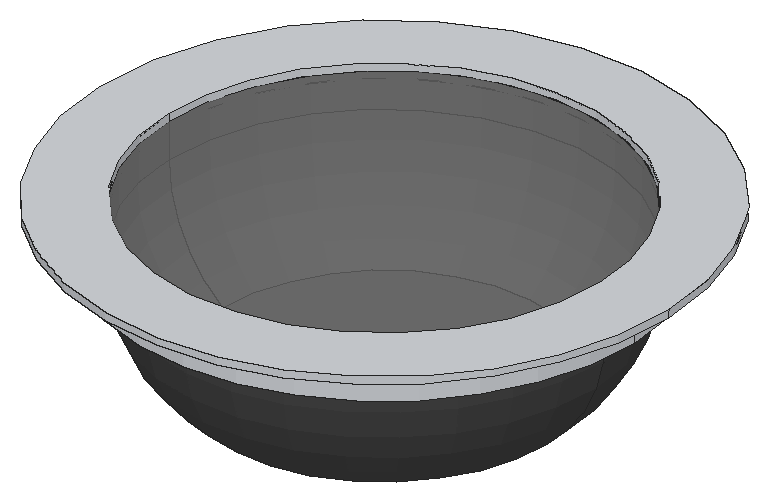
Revit family "3031806 Lighting Fixture_Sylvania_Syl-Lighter II_Ceiling Recessed", category Lighting Fixtures, host Face, Revit 2017
Family settings
  Host = Face
  Round Connector Dimension = Use Diameter
  Part Type = Normal
  OmniClass Number = 23.80.70.11.17
  OmniClass Title = Specialized Lighting by Location or Use
  Cut with Voids When Loaded = No
  Light Source = Yes
  Shared = No
  Room Calculation Point = No
Parameters (values of type "Syl-Lighter LED II 165 RO 12W WW DALI")
  Weight = 0.45 kg
  Wattage = 10.6122 W
  built-in parameter 1150110 = 1 (stored number, unit not read)
  Voltage Comments = "UNV (Universal Voltage; 220-240 Volt)"  # constant formula
  Voltage = 240 V  # constant formula
  URL = "http://www.sylvania-lighting.com"
  built-in parameter 1114217 = 1 (stored number, unit not read)
  Tilt Angle = -90.00°  # constant formula
  built-in parameter 1150109 = 1 (stored number, unit not read)
  built-in parameter 1150134 = (empty or 0)
  Ta Rating = "-10°C to +40°C"  # constant formula
  built-in parameter 1150113 = 1 (stored number, unit not read)
  Recessed Depth = Height  # 45.0 mm
  IP Rating = "IP44"  # constant formula
  IK Rating = "IK07"  # constant formula
  Energy Class = "A++, A+, A"  # constant formula
  Dimmable = "N/A"  # constant formula
  Catalog Number = "3031806 Syl-Lighter LED II 165 RO 12W WW DALI"
  Body Material = Metal_Sylvania_Syl-Lighter LED II_Silver
  Product Page URL = "http://www.sylvania-lighting.com/product/en-int/products/3031806"
  Product Family = "SYL-LIGHTER LED II"  # constant formula
  Photometry Comments = ""
  Photometric Web File = "3031806_Syl-LighterLEDII165RO12WWWDALI-187553.ies"
  built-in parameter 1150105 = 587.84 (stored number, unit not read)
  Lumens = 1047 lm
  built-in parameter 1150115 = 1 (stored number, unit not read)
  built-in parameter 1150137 = (empty or 0)
  built-in parameter 1150139 = (empty or 0)
  Life = "50 000h"  # constant formula
  built-in parameter 1150112 = 1 (stored number, unit not read)
  built-in parameter 1150114 = 1 (stored number, unit not read)
  Lamp Comments = "Integrated LED"
  built-in parameter 1150132 = 2
  built-in parameter 1150102 = (empty or 0)
  built-in parameter 1150107 = 3000 (stored number, unit not read)
  built-in parameter 1150138 = (empty or 0)
  built-in parameter 1150106 = 5.8784 (stored number, unit not read)
  Glow Wire Test = 650 °C  # constant formula
  Emit from Circle Diameter = Diffuser Diameter  # 125.0 mm
  Emit Shape Visible in Rendering = no
  built-in parameter 1150104 = 9.1658 (stored number, unit not read)
  Drive Current = "300mA"
  Dimming Lamp Color Temperature Shift = <None>
  Diffuser Radius = Diffuser Diameter / 2  # 62.5 mm
  Diffuser Diameter = Diameter - 20.0 mm  # 125.0 mm
  Inner Diameter = Diameter - 4.0 mm  # 141.0 mm
  Cutout Diameter = Diameter  # 145.0 mm
  Color Filter = 16777215
  Beam Angle = 74.00°
  built-in parameter 1114218 = 1 (stored number, unit not read)
  built-in parameter 1150133 = 10 (stored number, unit not read)
  Height = 45.0 mm
  Electrical Protection = "CLASS II"  # constant formula
  built-in parameter 1114216 [instance] = 1 (stored number, unit not read)
  Model = "Syl-Lighter LED II 165 RO 12W WW DALI"
  Manufacturer = "Feilo Sylvania"  # constant formula
  Lamp = "LED"
  Diffuser Material = Polycarbonate_Sylvania_Syl-Lighter LED II_Opal
  Description = "Syl-Lighter LED II is available in 4 different round body sizes: 165mm, 195mm, 220mm & 240mm Syl-Lighter LED II 165 12W delivers a 1,134 lumen output (4,000K) - perfect for 1x26W CFL replacement Syl-Lighter LED II 195 15W delivers a 1,480 lumen output (4,000K) - perfect for 1x32W/2x18W CFL replacement Syl-Lighter LED II 220 21W delivers a 1,989 lumen output (4,000K) - perfect for 1x42W CFL replacement Syl-Lighter LED II 240 25W delivers a 2,289 lumen output (4,000K)- perfect for 2x26W CFL replacement High efficacy up to 99lm/W (Syl-Lighter LED II 195 4,000K) IP44 rating allows for installation in applicable wet zone areas Choice of 3,000K (warm white) or 4,000K (neutral white) Shallow recess depth of <65mm Can replace existing large CFL downlights using a 225mm ceiling cut out (Syl-Lighter LED II 240) Energy efficient electronic gear including analogue 1-10V and DALI dimmable options IK07 polycarbonate diffuser allows for a wider light distribution than a reflector downlight, allowing for increased spacings between luminaires 3 hour emergency pack available (to be ordered in addition to the luminaire) Ideal for applications such as corridors, public WCs and back of house areas Quick and easy to install Loop in-Loop out facility with red push fit terminal block for quick wiring White bezel (RAL 9003) Energy Class: A++, A+, A Long lifetime: 50,000 hours life at L70 (L80: 30,000 hours, L90: 15,000 hours)"  # constant formula
  Default Elevation = 0.0 mm
  built-in parameter 1140040 [instance] = 1
  Assembly Code = "D5020200"
  Apparent Load Comments = ""
  Apparent Load = 12 VA
  Accessory Radius = Accessory Diameter / 2  # 82.5 mm
  Accessory Material = Aluminum_Sylvania_Syl-Lighter LED II_White_RAL 9003
  Diameter = 145.0 mm
  Accessory Diameter = 165.0 mm
Reference planes
  plane 1 "Center (Front/Back)": y = 0
  plane 2: z = 0
  plane 3 "Center (Left/Right)": x = 0
  plane 4 "Fixture Bottom": z = 2
  plane 5: z = -10
  plane 6 "Fixture Top": z = -45
  plane 7: z = -2
Forms (mm)
  Extrusion 1, void
    sketch origin (0, 0, 58) x (-1, 0, 0) y (0, -1, 0)
      loop
        circle (0, 0) r 72.5
    from -171 to -55
  Extrusion 2, solid, detail levels fine
    sketch origin (0, 0, 58) x (-1, 0, 0) y (0, -1, 0)
      loop
        circle (0, 0) r 72.5
      loop
        circle (0, 0) r 70.5
    from -68 to -58
  Extrusion 3, solid, detail levels fine
    sketch origin (0, 0, 58) x (-1, 0, 0) y (0, -1, 0)
      loop
        circle (0, 0) r 82.5
      loop
        circle (0, 0) r 62.5
    from -58 to -56
  Extrusion 4, solid, material "Polycarbonate_Sylvania_Syl-Lighter LED II_Opal" <- "Diffuser Material", detail levels fine
    sketch origin (0, 0, 58) x (-1, 0, 0) y (0, -1, 0)
      loop
        circle (0, 0) r 62.5
    from -60 to -58
  Revolve 5, solid, material "Metal_Sylvania_Syl-Lighter LED II_Silver" <- "Body Material", detail levels fine
    sketch origin (0, 0, 0) x (1, 0, 0) y (0, 0, 1)
      loop
        line (-62.5, 0) -> (-64.5, 0) -> (-64.5, -10)
        arc (-64.5, -10) -> (-60.025, -29.455) -> (-47.5, -45) r 44.529
        line (-47.5, -45) -> (0, -45) -> (0, -43) -> (-46.799, -43)
        arc (-46.799, -43) -> (-58.375, -28.272) -> (-62.5, -10) r 42.529
        line (-62.5, -10) -> (-62.5, 0)
      axis (0, -45) -> (0, 0)
    angle from 0 to 360
  Revolve 6, solid, material "Aluminum_Sylvania_Syl-Lighter LED II_White_RAL 9003" <- "Accessory Material", detail levels coarse+medium
    sketch origin (0, 0, 0) x (1, 0, 0) y (0, 0, 1)
      loop
        line (-82.5, 2) -> (-82.5, 0) -> (-75, 0) -> (-75, -10) -> (-67, -10)
        arc (-67, -10) -> (-62.525, -29.455) -> (-50, -45) r 44.529
        line (-50, -45) -> (0, -45) -> (0, 2) -> (-82.5, 2)
      axis (0, 2) -> (0, -45)
    angle from 0 to 360
Cuts and joins
  joined: Extrusion 2, Extrusion 3
Lines and regions (mm)
  Masking region 1
    outline origin (0, 0, 58) x (-1, 0, 0) y (0, -1, 0)
      loop
        circle (0, 0) r 82.5
  symbolic lines, detail levels fine
    curve 1: arc (-62.5, 0, 58) -> (0, 62.5, 58) -> (62.5, 0, 58) r 62.5
    curve 2: arc (62.5, 0, 58) -> (0, -62.5, 58) -> (-62.5, 0, 58) r 62.5
Dimensions and locks
  locked: plane 4 "Fixture Bottom" to plane 2 at 2
  locked: plane 2 to plane 5 at 10
  "Height": plane 2 to plane 6 "Fixture Top"
  locked: plane 2 to plane 7 at 2
  "Diffuser Radius": plane 3 "Center (Left/Right)" to Revolve 5 sketch curve
  locked: Revolve 5 sketch curve to Revolve 5 sketch curve at 2
  locked: Revolve 5 sketch curve to Revolve 5 sketch curve at 15
  "Accessory Radius": plane 3 "Center (Left/Right)" to Revolve 6 sketch curve
  Revolve 6 sketch curve to Revolve 6 sketch curve to Revolve 6 sketch curve to Revolve 6 sketch curve = 7.5 mm locked, 8.0 mm locked, 17.0 mm locked
  "Cutout Diameter": diameter of Extrusion 1 sketch curve
  "Diameter": diameter of Extrusion 2 sketch curve
  "Inner Diameter": diameter of Extrusion 2 sketch curve
  "Accessory Diameter": diameter of Extrusion 3 sketch curve
  "Diffuser Diameter": diameter of Extrusion 3 sketch curve
  "Diffuser Diameter": diameter of Extrusion 4 sketch curve
  "Accessory Diameter": diameter of Masking region 1 sketch curve
  aligned and locked: host face to plane 2
  aligned and locked: host face to level
  aligned and locked: plane 4 "Fixture Bottom" to Extrusion 3
  aligned and locked: Extrusion 3 to plane 2
  aligned and locked: Extrusion 2 to plane 5
  aligned and locked: plane 2 to Extrusion 2
  aligned and locked: Extrusion 4 to plane 7
  aligned and locked: plane 2 to Extrusion 4
  aligned and locked: Revolve 5 sketch curve to plane 2
  aligned and locked: plane 5 to Revolve 5 sketch curve  (x2)
  aligned and locked: Revolve 5 sketch curve to plane 3 "Center (Left/Right)"
  aligned and locked: plane 3 "Center (Left/Right)" to Revolve 5 sketch curve
  aligned and locked: Revolve 6 sketch curve to plane 5
  aligned and locked: Revolve 6 sketch curve to plane 2
  aligned and locked: Revolve 6 sketch curve to plane 4 "Fixture Bottom"
  aligned and locked: plane 3 "Center (Left/Right)" to Revolve 6 sketch curve
  aligned and locked: Revolve 6 sketch curve to plane 3 "Center (Left/Right)"
  aligned and locked: plane 3 "Center (Left/Right)" to imposter light
  aligned and locked: imposter light to plane 1 "Center (Front/Back)"
  aligned and locked: imposter light to plane 4 "Fixture Bottom"
  aligned and locked: curve 1 to cut or joined group of Extrusion 2, Extrusion 3
Automatic sketch dimensions
  host sketch curve to host sketch curve = 700.0 mm
  host sketch curve to host sketch curve = 620.0 mm
  plane 1 "Center (Front/Back)" to Extrusion 1 sketch curve = 0.0 mm
  Extrusion 1 sketch curve to plane 3 "Center (Left/Right)" = 0.0 mm
  Extrusion 2 sketch curve to Extrusion 2 sketch curve = 0.0 mm  (x2)
  plane 1 "Center (Front/Back)" to Extrusion 2 sketch curve = 0.0 mm
  Extrusion 2 sketch curve to plane 3 "Center (Left/Right)" = 0.0 mm
  Extrusion 3 sketch curve to Extrusion 3 sketch curve = 0.0 mm  (x2)
  plane 1 "Center (Front/Back)" to Extrusion 3 sketch curve = 0.0 mm
  Extrusion 3 sketch curve to plane 3 "Center (Left/Right)" = 0.0 mm
  plane 1 "Center (Front/Back)" to Extrusion 4 sketch curve = 0.0 mm
  Extrusion 4 sketch curve to plane 3 "Center (Left/Right)" = 0.0 mm
  Revolve 5 sketch curve to Revolve 5 sketch curve = 0.0 mm
  Revolve 5 sketch curve to plane 6 "Fixture Top" = 0.0 mm
  plane 6 "Fixture Top" to Revolve 5 sketch curve = 2.0 mm
  Revolve 5 sketch curve to Revolve 5 sketch curve = 17.111 mm
  plane 4 "Fixture Bottom" to Revolve 5 sketch curve = 20.889 mm
  Revolve 6 sketch curve to plane 6 "Fixture Top" = 0.0 mm
  Revolve 6 sketch curve to plane 6 "Fixture Top" = 63.885 mm
  Revolve 6 sketch curve to Revolve 6 sketch curve = 84.115 mm
  plane 1 "Center (Front/Back)" to Masking region 1 sketch curve = 0.0 mm
  Masking region 1 sketch curve to plane 3 "Center (Left/Right)" = 0.0 mm
Connectors
  electrical at (0, 0, -45), driven by "Apparent Load", driven by "Voltage"
    settings: on Revolve 5, index 1, voltage 240 V, apparent load 0 VA, apparent load phase1 12 VA, apparent load phase2 0 VA, apparent load phase3 0 VA, power factor 1, load classification "Lighting", number of poles 1, system type 31, power factor state 1, is connector primary yes, connector utility no, sub classification motor no, connector description ""
